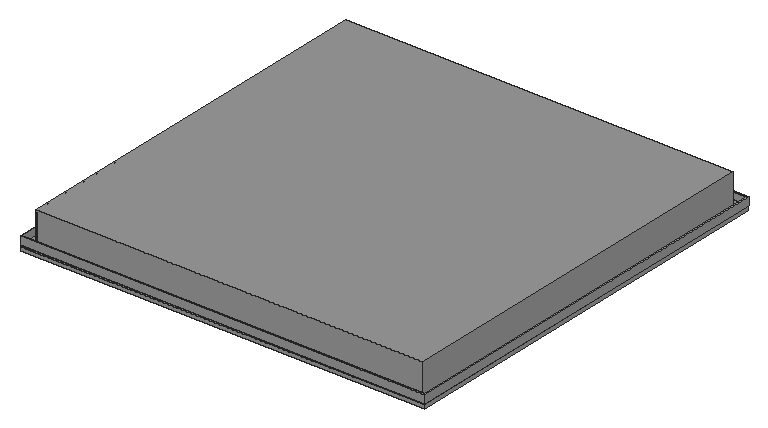
Revit family "LED-600_4500lum_UGR_2021_11_03", category Leuchten, Revit 2019
Family settings
  Basisbauteil = Decke
  Bemaßung runder Anschluss = Durchmesser verwenden
  Teiletyp = Normal
  OmniClass-Nummer = 23.80.70.11
  OmniClass-Titel = Luminaries for Internal Lighting
  Immer vertikal = Ja
  Beim Laden mit Abzugskörper schneiden = Nein
  Lichtquelle = Ja
  Gemeinsam genutzt = Nein
  Raumberechnungspunkt = Nein
Parameters (values of type "6500K_Dimming")
  Wattage = 30.2945 W
  URL = "https://www.lindner-group.com/de_DE/ausbauprodukte/licht/healthcare-labor-klinikumleuchten/iso-u/"
  Typenbild = rrt_tu_leuchten_cp-4-lichteinheiten_00.png
  built-in parameter 1150110 = 1 (stored number, unit not read)
  Typenkommentare = "Color 6500k; Dimming Function"
  Tilt Angle = 60.00°
  built-in parameter 1114217 = 1 (stored number, unit not read)
  built-in parameter 1150109 = 1 (stored number, unit not read)
  built-in parameter 1150134 = 1
  built-in parameter 1150113 = 1 (stored number, unit not read)
  Modell = "ISO-U3 600 4.5 AG 6500K DA"
  LIN_A_5_Ceiling Installation Detail = "recessed"  # constant formula
  LIN_A_4_Ceiling Installation Detail = "recessed"  # constant formula
  Hersteller = "Lindner Group"  # constant formula
  Manufacture Country [instance] = "Germany"  # constant formula
  Lumens = 4500 lm
  built-in parameter 1150115 = 1 (stored number, unit not read)
  built-in parameter 1150105 = 358.1 (stored number, unit not read)
  built-in parameter 1150137 = (empty or 0)
  built-in parameter 1150139 = (empty or 0)
  built-in parameter 1150112 = 1 (stored number, unit not read)
  built-in parameter 1150114 = 1 (stored number, unit not read)
  Lampe = "LED"  # constant formula
  LIN_E_8_Voltage Rage = "220-240V"  # constant formula
  LIN_E_8_System Power = 31 W  # constant formula
  LIN_E_8_Standby Power = 0.15 W
  LIN_E_8_Max ECG no. in Circuit Breacker = "B16 - max.21"
  LIN_E_8_Frequency = "50/60Hz"
  LIN_E_4_Num of Lighting Sources = "4"  # constant formula
  LIN_E_4_Ballast = "Electronic ballast (DALI-dimmable)"
  LIN_A_8_UGR = "UGR<19"  # constant formula
  LIN_A_8_Safty Class = "1"  # constant formula
  LIN_A_8_Protection Degree = "IP65 on the room side, IP50 to the ceiling"  # constant formula
  LIN_A_8_Colour Tolerance = "<=3 SDCM"  # constant formula
  LIN_A_8_Color Rendering Index = ">=80"
  LIN_A_5_Lindner Model Name = "CP 600 LED-U3 4.5 AG 6500K DA"
  LIN_A_4_Through Wiring = "Yes"  # constant formula
  LIN_A_4_Safty Class = "1"  # constant formula
  LIN_A_4_Material Lighting Fixture Body = none
  LIN_A_4_Material Light Diffuser = none
  LIN_A_4_Lighting Fixture Body Color = "RAL 9016"
  LIN_A_4_Emergency Light Function = "No"
  LIN_A_4_Cover Material = "thoughened safty glas clear"  # constant formula
  LIN_A_4_Connection Type = "5-pole terminal block"
  LIN_A_4_Cable Entry = "2x cable gland M16 on the back"  # constant formula
  LIN_A_3_Lighting Body Width [instance] = 600.00 mm  # constant formula
  LIN_A_3_Lighting Body Length [instance] = 600.00 mm  # constant formula
  LIN_A_3_Lighting Body Height [instance] = 53.05 mm
  built-in parameter 1150132 = 2
  Datei für fotometrisches Netz = "ISO-U3 600 4.5 AG.ies"
  built-in parameter 1150102 = (empty or 0)
  built-in parameter 1150138 = (empty or 0)
  built-in parameter 1150107 = 6500 (stored number, unit not read)
  built-in parameter 1150106 = 3.581 (stored number, unit not read)
  Von Linienlänge aussenden = 542.00 mm
  built-in parameter 1150104 = 13.8 (stored number, unit not read)
  Dimming Lamp Color Temperature Shift = (empty or 0)
  Beschreibung = "Clean Room Light"  # constant formula
  Color Filter = 16777215
  built-in parameter 1140040 [instance] = (empty or 0)
  built-in parameter 1114218 = 1 (stored number, unit not read)
  built-in parameter 1150133 = 10 (stored number, unit not read)
  Apparent Load = 31 VA  # constant formula
Types (12, lengths in mm): name | Typenkommentare | built-in parameter 1150134 | Modell | LIN_E_8_Standby Power | LIN_E_8_Max ECG no. in Circuit Breacker | LIN_E_8_Frequency | LIN_E_4_Ballast | LIN_A_8_Color Rendering Index | LIN_A_5_Lindner Model Name | LIN_A_4_Material Lighting Fixture Body | LIN_A_4_Material Light Diffuser | LIN_A_4_Emergency Light Function | LIN_A_4_Connection Type | built-in parameter 1150107
  (no name) | "Color 6500k; Dimming Function" | 1 | "ISO-U3 600 4.5 AG 6500K DA" | 0.15 W | "B16 - max.21" | "50/60Hz" | "Electronic ballast (DALI-dimmable)" | ">=80" | "CP 600 LED-U3 4.5 AG 6500K DA" | none | none | "No" | "5-pole terminal block" | 6500 (stored number, unit not read)
  Standart | "No added functions" | 12 | "ISO-U3 600 4.5 AG" | 0 W | "B16 - max.16" | "50/60Hz" | "Electronic ballast (switchable)" | ">=80" | "CP 600 LED-U3 4.5 AG" | none | none | "No" | "3-pole terminal block" | 4000 (stored number, unit not read)
  Em Light | "Emergency Light Function" | 12 | "ISO-U3 600 4.5 AG NL" | 0 W | "B16 - max.16" | "0/50/60Hz" | "Electronic ballast (switchable)" | ">=80" | "CP 600 LED-U3 4.5 AG NL" | none | none | "Yes" | "3-pole terminal block" | 4000 (stored number, unit not read)
  Dimming | "Dimming Function" | 12 | "ISO-U3 600 4.5 AG DA" | 0.15 W | "B16 - max.21" | "50/60Hz" | "Electronic ballast (DALI-dimmable)" | ">=80" | "CP 600 LED-U3 4.5 AG DA" | none | none | "No" | "5-pole terminal block" | 4000 (stored number, unit not read)
  Em Light_Dimming | "Emergency Light Function; Dimming Function" | 12 | "ISO-U3 600 4.5 AG CRI DA" | 0.15 W | "B16 - max.21" | "0/50/60Hz" | "Electronic ballast (DALI-dimmable)" | ">=80" | "CP 600 LED-U3 4.5 AG CRI DA" | none | none | "Yes" | "5-pole terminal block" | 4000 (stored number, unit not read)
  High CRI | "CRI >=90" | 12 | "ISO-U3 600 4.5 AG CRI" | 0 W | "B16 - max.16" | "50/60Hz" | "Electronic ballast (switchable)" | ">=90" | "CP 600 LED-U3 4.5 AG CRI" | none | none | "No" | "3-pole terminal block" | 4000 (stored number, unit not read)
  Hight CRI_Dimming | "CRI >=90; Dimming Function" | 12 | "ISO-U3 600 4.5 AG NL" | 0.15 W | "B16 - max.21" | "50/60Hz" | "Electronic ballast (DALI-dimmable)" | ">=90" | "CP 600 LED-U3 4.5 AG NL" | none | none | "No" | "5-pole terminal block" | 4000 (stored number, unit not read)
  High CRI_Dimming_Em Light | "CRI >=90; Dimming Function; Emergency Light Function" | 12 | "ISO-U3 600 4.5 AG CRI DA NL" | 0.15 W | "B16 - max.21" | "0/50/60Hz" | "Electronic ballast (DALI-dimmable)" | ">=90" | "CP 600 LED-U3 4.5 AG CRI DA NL" | none | none | "Yes" | "5-pole terminal block" | 4000 (stored number, unit not read)
  6500K | "Color 6500k" | 1 | "ISO-U3 600 4.5 AG 6500K" | 0 W | "B16 - max.16" | "50/60Hz" | "Electronic ballast (switchable)" | ">=80" | "CP 600 LED-U3 4.5 AG 6500K" | Steel Sheet | Glass, Thoughened Clear | "No" | "3-pole terminal block" | 6500 (stored number, unit not read)
  6500K_Dimming | "Color 6500k; Dimming Function" | 1 | "ISO-U3 600 4.5 AG 6500K DA" | 0.15 W | "B16 - max.21" | "50/60Hz" | "Electronic ballast (DALI-dimmable)" | ">=80" | "CP 600 LED-U3 4.5 AG 6500K DA" | none | none | "No" | "5-pole terminal block" | 6500 (stored number, unit not read)
  6500K_Em Light_Dimming | "Color 6500k; Emergency Light Function; Dimming Function" | 1 | "ISO-U3 600 4.5 AG 6500K DA NL" | 0.15 W | "B16 - max.21" | "0/50/60Hz" | "Electronic ballast (DALI-dimmable)" | ">=80" | "CP 600 LED-U3 4.5 AG 6500K DA NL" | none | none | "Yes" | "5-pole terminal block" | 6500 (stored number, unit not read)
  6500K_Em Light_Dimming_High CRI | "Color 6500k; Emergency Light Function; Dimming Function; CRI >= 90" | 1 | "ISO-U3 600 4.5 AG 6500K CRI DA NL" | 0.15 W | "B16 - max.21" | "0/50/60Hz" | "Electronic ballast (DALI-dimmable)" | ">=90" | "CP 600 LED-U3 4.5 AG 6500K CRI DA NL" | none | none | "Yes" | "5-pole terminal block" | 6500 (stored number, unit not read)
Reference planes
  plane 1 "Light Source Axis (F/B)": y = 0
  plane 2 "Ceiling": z = 2438.4
  plane 3 "Light Source Axis (L/R)": x = 0
  plane 4 "Light Source Elevation": z = 2448.4
  plane 5: x = -300
  plane 6: y = -300
  plane 7: y = 300
  plane 8: x = 300
  plane 9 "Light Source 1 - Center": y = -185.46
  plane 10 "Light Source 2 - Center": y = 185.46
Forms (mm)
  Sweep 1, solid, material <- "LIN_A_4_Material Lighting Fixture Body"
    path origin (0, 0, 2438.4) x (1, 0, 0) y (0, 1, 0)
      loop
        line (-299.75, 299.75) -> (-299.75, -299.75) -> (299.75, -299.75) -> (299.75, 299.75) -> (-299.75, 299.75)
    profile origin (0, 299.75, 2438.4) x (0, 1, 0) y (0, 0, 1)
      loop
        line (0, 0) -> (0, 12) -> (-1, 12) -> (-1, 1) -> (-12.75, 1) -> (-12.75, 45.75) -> (-13.75, 45.75) -> (-13.75, 0) -> (0, 0)
  Extrusion 2, solid, material <- "LIN_A_4_Material Lighting Fixture Body"
    sketch origin (0, 0, 2438.4) x (1, 0, 0) y (0, 1, 0)
      loop
        line (286, -286) -> (286, 286) -> (-286, 286) -> (-286, -286) -> (286, -286)
    from 44.75 to 45.75
  Sweep 3, solid, material <- "LIN_A_4_Material Lighting Fixture Body", detail levels medium+fine
    path origin (0, 0, 2438.4) x (1, 0, 0) y (0, 1, 0)
      loop
        line (-299, 299) -> (-299, -299) -> (299, -299) -> (299, 299) -> (-299, 299)
    profile origin (0, 299, 2438.4) x (0, 1, 0) y (0, 0, 1)
      loop
        line (0, -7.3) -> (0, -2) -> (-1.25, -2) -> (-1.25, -6.05) -> (-28, -6.05) -> (-28, -7.3) -> (0, -7.3)
  Sweep 4, solid, material <- "LIN_A_4_Material Lighting Fixture Body", detail levels medium+fine
    path origin (0, 0, 2438.4) x (1, 0, 0) y (0, 1, 0)
      loop
        line (-285, -285) -> (285, -285) -> (285, 285) -> (-285, 285) -> (-285, -285)
    profile origin (0, -285, 2438.4) x (0, 1, 0) y (0, 0, 1)
      loop
        line (-12.25, -6.05) -> (1.25, -6.05) -> (1.25, 21.2) -> (0, 21.2) -> (0, -4.8) -> (-12.25, -4.8) -> (-12.25, -6.05)
  Extrusion 5, solid, material <- "LIN_A_4_Material Light Diffuser", detail levels medium+fine
    sketch origin (0, 0, 2438.4) x (1, 0, 0) y (0, 1, 0)
      loop
        line (-280, -280) -> (280, -280) -> (280, 280) -> (-280, 280) -> (-280, -280)
    from -5.8 to -1.8
  Extrusion 6, solid, material <- "LIN_A_4_Material Lighting Fixture Body"
    sketch origin (0, 0, 0) x (0, 1, 0) y (0, 0, 1)
      loop
        line (275.459, 2436.6) -> (275.459, 2443.6) -> (274.459, 2443.6) -> (274.459, 2437.6) -> (238.479, 2437.6) -> (211.98, 2475.445) -> (158.939, 2475.445) -> (132.44, 2437.6) -> (-132.44, 2437.6) -> (-158.939, 2475.445) -> (-211.98, 2475.445) -> (-238.479, 2437.6) -> (-274.459, 2437.6) -> (-274.459, 2443.6) -> (-275.459, 2443.6) -> (-275.459, 2436.6) -> (-237.959, 2436.6) -> (-211.46, 2474.445) -> (-159.46, 2474.445) -> (-132.96, 2436.6) -> (132.96, 2436.6) -> (159.46, 2474.445) -> (211.46, 2474.445) -> (237.959, 2436.6) -> (275.459, 2436.6)
    from -275 to 275
Cuts and joins
  joined: Sweep 1, Extrusion 2
Lines and regions (mm)
  symbolic lines, style "Lighting Fixture Body"
    curve 1: line (-300, 300, 2438.4) -> (300, 300, 2438.4)
    curve 2: line (-300, -300, 2438.4) -> (-300, 300, 2438.4)
    curve 3: line (300, -300, 2438.4) -> (-300, -300, 2438.4)
    curve 4: line (300, 300, 2438.4) -> (300, -300, 2438.4)
  symbolic lines, style "LightingFixturesHiddenLines", detail levels coarse
    curve 5: line (-275, -275, 2438.4) -> (-275, 275, 2438.4)
    curve 6: line (-275, 275, 2438.4) -> (275, 275, 2438.4)
    curve 7: line (275, 275, 2438.4) -> (275, -275, 2438.4)
    curve 8: line (275, -275, 2438.4) -> (-275, -275, 2438.4)
Dimensions and locks
  equal spacing: host sketch curve, plane 3 "Light Source Axis (L/R)", host sketch curve
  equal spacing: host sketch curve, plane 1 "Light Source Axis (F/B)", host sketch curve
  host sketch curve to host sketch curve = 3048.00 mm  (x2)
  equal spacing: Sweep 1 sketch curve, plane 1 "Light Source Axis (F/B)", Sweep 1 sketch curve
  equal spacing: Sweep 1 sketch curve, plane 3 "Light Source Axis (L/R)", Sweep 1 sketch curve
  plane 1 "Light Source Axis (F/B)" to Sweep 1 sketch curve = 299.75 mm
  Sweep 1 sketch curve to plane 3 "Light Source Axis (L/R)" = 299.75 mm
  Sweep 3 sketch curve to Sweep 3 sketch curve = 598.00 mm  (x2)
  Sweep 4 sketch curve to Sweep 4 sketch curve = 570.00 mm  (x4)
  Extrusion 5 sketch curve to Extrusion 5 sketch curve = 560.00 mm  (x2)
  equal spacing: plane 5, plane 3 "Light Source Axis (L/R)", plane 8
  equal spacing: plane 7, plane 1 "Light Source Axis (F/B)", plane 6
  "LIN_A_3_Lighting Body Width": plane 7 to plane 6
  "LIN_A_3_Lighting Body Length": plane 5 to plane 8
  locked: curve 7 to plane 8 at 25
  locked: plane 5 to curve 5 at 25
  locked: plane 7 to curve 6 at 25
  locked: curve 8 to plane 6 at 25
  plane 9 "Light Source 1 - Center" to plane 1 "Light Source Axis (F/B)" to plane 10 "Light Source 2 - Center" = 185.46 mm locked, 185.46 mm
  "LIN_A_3_Lighting Body Height": Sweep 3 to cut or joined group of Sweep 1, Extrusion 2
  cut or joined group of Sweep 1, Extrusion 2 to plane 4 "Light Source Elevation" to Sweep 3 = 35.75 mm locked, 17.30 mm locked
  locked: imposter light to plane 1 "Light Source Axis (F/B)" at 0
  aligned and locked: plane 4 "Light Source Elevation" to imposter light
  aligned and locked: curve 1 to plane 7
  aligned and locked: curve 2 to plane 5
  aligned and locked: plane 6 to curve 3
  aligned and locked: curve 4 to plane 8
  aligned and locked: plane 3 "Light Source Axis (L/R)" to imposter light
Automatic sketch dimensions
  Sweep 1 sketch curve to plane 2 "Ceiling" = 0.00 mm
  Sweep 1 sketch curve to profile plane = 0.00 mm
  profile plane to Sweep 1 sketch curve = 1.00 mm
  plane 2 "Ceiling" to Sweep 1 sketch curve = 1.00 mm
  Sweep 1 sketch curve to Sweep 1 sketch curve = 11.75 mm
  Sweep 1 sketch curve to Sweep 1 sketch curve = 1.00 mm
  Sweep 1 sketch curve to Sweep 1 sketch curve = 11.00 mm
  Sweep 1 sketch curve to Sweep 1 sketch curve = 33.75 mm
  Extrusion 2 sketch curve to plane 5 = 14.00 mm
  Extrusion 2 sketch curve to plane 8 = 14.00 mm
  plane 6 to Extrusion 2 sketch curve = 14.00 mm
  Extrusion 2 sketch curve to plane 7 = 14.00 mm
  Sweep 3 sketch curve to plane 5 = 1.00 mm
  plane 6 to Sweep 3 sketch curve = 1.00 mm
  Sweep 3 sketch curve to profile plane = 0.00 mm
  profile plane to Sweep 3 sketch curve = 1.25 mm
  Sweep 3 sketch curve to plane 2 "Ceiling" = 6.05 mm
  Sweep 3 sketch curve to Sweep 3 sketch curve = 26.75 mm
  Sweep 3 sketch curve to Sweep 3 sketch curve = 1.25 mm
  Sweep 3 sketch curve to plane 2 "Ceiling" = 2.00 mm
  Sweep 4 sketch curve to profile plane = 0.00 mm
  Sweep 4 sketch curve to plane 2 "Ceiling" = 6.05 mm
  profile plane to Sweep 4 sketch curve = 12.25 mm
  Sweep 4 sketch curve to profile plane = 1.25 mm
  Sweep 4 sketch curve to Sweep 4 sketch curve = 1.25 mm
  plane 2 "Ceiling" to Sweep 4 sketch curve = 21.20 mm
  Extrusion 5 sketch curve to plane 5 = 20.00 mm
  plane 6 to Extrusion 5 sketch curve = 20.00 mm
  Extrusion 6 sketch curve to plane 2 "Ceiling" = 1.80 mm  (x3)
  plane 6 to Extrusion 6 sketch curve = 24.541 mm
  Extrusion 6 sketch curve to Extrusion 6 sketch curve = 1.00 mm  (x3)
  Extrusion 6 sketch curve to plane 2 "Ceiling" = 0.80 mm  (x3)
  Extrusion 6 sketch curve to Extrusion 6 sketch curve = 35.979 mm
  Extrusion 6 sketch curve to Extrusion 6 sketch curve = 0.521 mm  (x8)
  Extrusion 6 sketch curve to plane 4 "Light Source Elevation" = 27.045 mm
  Extrusion 6 sketch curve to Extrusion 6 sketch curve = 26.499 mm  (x4)
  Extrusion 6 sketch curve to plane 4 "Light Source Elevation" = 26.045 mm  (x2)
  Extrusion 6 sketch curve to Extrusion 6 sketch curve = 52.00 mm  (x2)
  Extrusion 6 sketch curve to plane 1 "Light Source Axis (F/B)" = 132.44 mm
  plane 4 "Light Source Elevation" to Extrusion 6 sketch curve = 4.80 mm  (x2)
  Extrusion 6 sketch curve to plane 7 = 25.541 mm
Connectors
  electrical at (0, 0, 2459.6)
    settings: on Sweep 4, index 1, voltage 240 V, apparent load 0 VA, apparent load phase1 31 VA, apparent load phase2 31 VA, apparent load phase3 31 VA, power factor 1, load classification "Lighting", number of poles 3, system type 31, power factor state 1, is connector primary yes, connector utility yes, sub classification motor no, connector description "3 or 5 pole terminal block"
